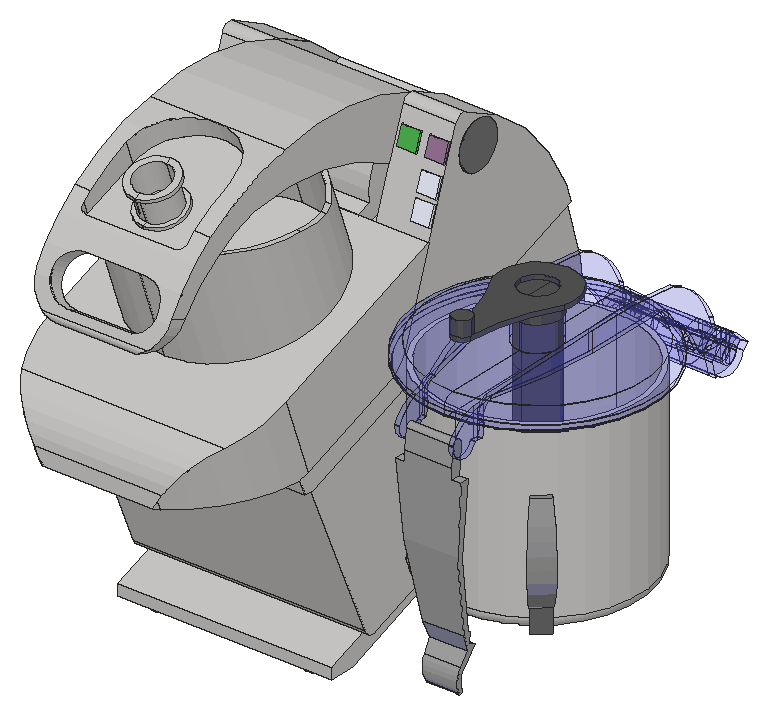
Revit family "QF_DITOSAMA_600437_DTRK70Y", category Specialty Equipment, Revit 2018 (continued)
Definition of nested family "QF_600438_BOWL"
  Lines and regions (mm)
    symbolic lines
      curve 65: arc (-128, -18.211, 0) -> (-101.973, 25.34, 0) -> (-60.771, 54.948, 0) r 124.909
      curve 66: arc (-128, -100.142, 0) -> (-134.909, -59.177, 0) -> (-128, -18.211, 0) r 124.909
      curve 67: line (-108, -177.764, 0) -> (-49.233, -177.764, 0)
      curve 68: line (-128, 191, 0) -> (-128, -17.764, 0)
      curve 69: line (29.233, -177.764, 0) -> (108, -177.764, 0)
      curve 70: line (-128, -97.764, 0) -> (-128, -157.764, 0)
      curve 71: line (-108, 211, 0) -> (108, 211, 0)
      curve 72: arc (-128, -157.764, 0) -> (-122.142, -171.906, 0) -> (-108, -177.764, 0) r 20
      curve 73: arc (108, -177.764, 0) -> (122.142, -171.906, 0) -> (128, -157.764, 0) r 20
      curve 74: arc (128, 191, 0) -> (122.142, 205.142, 0) -> (108, 211, 0) r 20
      curve 75: arc (-108, 211, 0) -> (-122.142, 205.142, 0) -> (-128, 191, 0) r 20
      curve 76: line (45.852, 123.86, 0) -> (-71.073, 123.86, 0)
      curve 77: line (45.852, 137.378, 0) -> (-65.852, 137.378, 0)
      curve 78: line (45.852, 143.082, 0) -> (-65.852, 143.082, 0)
      curve 79: line (53.607, 123.86, 0) -> (45.852, 123.86, 0)
      curve 80: line (45.852, 123.86, 0) -> (45.852, 170.216, 0)
      curve 81: line (45.852, 170.216, 0) -> (-65.852, 170.216, 0)
      curve 82: line (-65.852, 170.216, 0) -> (-65.852, 123.86, 0)
      curve 83: line (102.599, 101.361, 0) -> (117.599, 101.361, 0)
  Dimensions and locks
    plane 4 "TOP" to level = 705.4 mm  (x2)
    plane 7 "LEFT" to plane 3 "Center (Left/Right)" to plane 8 "RIGHT" = 128 mm, 128 mm
    plane 6 "BACK" to plane 1 "Center (Front/Back)" to plane 5 "FRONT" = 211 mm, 211 mm
    plane 6 "BACK" to plane 5 "FRONT" = 422 mm
    plane 7 "LEFT" to plane 8 "RIGHT" = 256 mm
    plane 9 "CenterX" to plane 3 "Center (Left/Right)" = 10 mm
    plane 12 to level = 510 mm
    aligned and locked: level to plane 2
    aligned and locked: Extrusion 5 to cut or joined group of Extrusion 8, Extrusion 9, Extrusion 11, Extrusion 20
